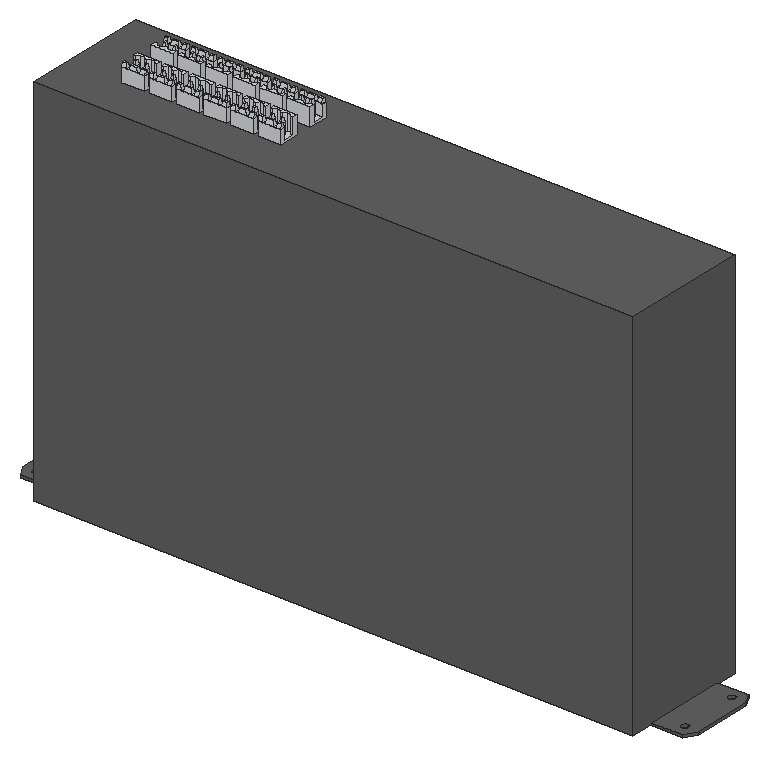
Revit family "БП24.220.350_RV17_LOD400 (05.11.23)", category Электрооборудование, Revit 2017 (continued)
Cuts and joins
  joined: Extrusion 77, Extrusion 78, Extrusion 79
  joined: Extrusion 133, Extrusion 134, Extrusion 135
  joined: Extrusion 85, Extrusion 86, Extrusion 87
Dimensions and locks
  locked: plane 4 to plane 1 "По центру (Вперед/Назад)" at 2000
  locked: plane 5 to plane 3 "По центру (Влево/Вправо)" at 2000
  "В_Смещение_УГО_X": plane 5 to plane 6
  "В_Смещение_УГО_Y": plane 4 to plane 7
  "ADSK_Размер_Длина": plane 9 to plane 8
  aligned and locked: level to plane 2
Automatic sketch dimensions
  Extrusion 1 sketch curve to plane 1 "По центру (Вперед/Назад)" = 28 mm
  Extrusion 1 sketch curve to plane 11 "1" = 0 mm
  Extrusion 1 sketch curve to plane 10 = 0 mm
  plane 1 "По центру (Вперед/Назад)" to Extrusion 1 sketch curve = 28 mm
  Extrusion 2 sketch curve to plane 11 "1" = 0 mm
  Extrusion 2 sketch curve to plane 10 = 0 mm
  Extrusion 2 sketch curve to plane 9 = 0 mm
  Extrusion 2 sketch curve to plane 8 = 0 mm
  Extrusion 2 sketch curve to plane 1 "По центру (Вперед/Назад)" = 18 mm  (x2)
  Extrusion 2 sketch curve to Extrusion 2 sketch curve = 5 mm  (x3)
  Extrusion 2 sketch curve to Extrusion 2 sketch curve = 5.057 mm  (x2)
  Extrusion 2 sketch curve to plane 8 = 6.055 mm  (x2)
  Extrusion 2 sketch curve to Extrusion 2 sketch curve = 25.885 mm  (x2)
  Extrusion 2 sketch curve to plane 9 = 6.055 mm
  Extrusion 2 sketch curve to Extrusion 2 sketch curve = 0.057 mm  (x2)
  Extrusion 2 sketch curve to Extrusion 2 sketch curve = 4.957 mm
  Extrusion 2 sketch curve to plane 8 = 2.887 mm  (x2)
  Extrusion 2 sketch curve to plane 9 = 2.829 mm
  Extrusion 2 sketch curve to plane 9 = 2.887 mm
  Extrusion 2 sketch curve to Extrusion 2 sketch curve = 3.168 mm
  level to Extrusion 3 sketch curve = 30 mm
  Extrusion 3 sketch curve to plane 11 "1" = 60 mm
  Extrusion 3 sketch curve to Extrusion 3 sketch curve = 0 mm
  Extrusion 3 sketch curve to Extrusion 3 sketch curve = 2.5 mm  (x2)
  Extrusion 3 sketch curve to Extrusion 3 sketch curve = 30 mm  (x2)
  Extrusion 3 sketch curve to Extrusion 3 sketch curve = 15 mm
  level to Extrusion 4 sketch curve = 30 mm
  Extrusion 4 sketch curve to plane 11 "1" = 65 mm
  Extrusion 4 sketch curve to Extrusion 4 sketch curve = 0 mm
  Extrusion 4 sketch curve to Extrusion 4 sketch curve = 2.5 mm  (x2)
  Extrusion 4 sketch curve to Extrusion 4 sketch curve = 30 mm  (x2)
  Extrusion 4 sketch curve to Extrusion 4 sketch curve = 15 mm
  level to Extrusion 5 sketch curve = 30 mm
  Extrusion 5 sketch curve to plane 3 "По центру (Влево/Вправо)" = 62.5 mm
  Extrusion 5 sketch curve to Extrusion 5 sketch curve = 0 mm
  Extrusion 5 sketch curve to Extrusion 5 sketch curve = 2.5 mm  (x2)
  Extrusion 5 sketch curve to Extrusion 5 sketch curve = 30 mm  (x2)
  Extrusion 5 sketch curve to Extrusion 5 sketch curve = 15 mm
  Extrusion 6 sketch curve to plane 3 "По центру (Влево/Вправо)" = 57.5 mm
  Extrusion 6 sketch curve to Extrusion 6 sketch curve = 0 mm
  Extrusion 6 sketch curve to Extrusion 6 sketch curve = 2.5 mm  (x2)
  level to Extrusion 6 sketch curve = 30 mm
  Extrusion 6 sketch curve to Extrusion 6 sketch curve = 30 mm  (x2)
  Extrusion 6 sketch curve to Extrusion 6 sketch curve = 15 mm
  Extrusion 7 sketch curve to plane 3 "По центру (Влево/Вправо)" = 52.5 mm
  Extrusion 7 sketch curve to Extrusion 7 sketch curve = 0 mm
  Extrusion 7 sketch curve to Extrusion 7 sketch curve = 2.5 mm  (x2)
  level to Extrusion 7 sketch curve = 30 mm
  Extrusion 7 sketch curve to Extrusion 7 sketch curve = 30 mm  (x2)
  Extrusion 7 sketch curve to Extrusion 7 sketch curve = 15 mm
  Extrusion 8 sketch curve to plane 3 "По центру (Влево/Вправо)" = 47.5 mm
  Extrusion 8 sketch curve to Extrusion 8 sketch curve = 0 mm
  Extrusion 8 sketch curve to Extrusion 8 sketch curve = 2.5 mm  (x2)
  level to Extrusion 8 sketch curve = 30 mm
  Extrusion 8 sketch curve to Extrusion 8 sketch curve = 30 mm  (x2)
  Extrusion 8 sketch curve to Extrusion 8 sketch curve = 15 mm
  Extrusion 9 sketch curve to plane 3 "По центру (Влево/Вправо)" = 42.5 mm  (x2)
  Extrusion 9 sketch curve to Extrusion 9 sketch curve = 2.5 mm  (x2)
  level to Extrusion 9 sketch curve = 30 mm
  Extrusion 9 sketch curve to Extrusion 9 sketch curve = 30 mm  (x2)
  Extrusion 9 sketch curve to Extrusion 9 sketch curve = 15 mm
  Extrusion 10 sketch curve to plane 3 "По центру (Влево/Вправо)" = 37.5 mm  (x2)
  Extrusion 10 sketch curve to Extrusion 10 sketch curve = 2.5 mm  (x2)
  level to Extrusion 10 sketch curve = 30 mm
  Extrusion 10 sketch curve to Extrusion 10 sketch curve = 30 mm  (x2)
  Extrusion 10 sketch curve to Extrusion 10 sketch curve = 15 mm
  Extrusion 11 sketch curve to plane 3 "По центру (Влево/Вправо)" = 32.5 mm  (x2)
  Extrusion 11 sketch curve to Extrusion 11 sketch curve = 2.5 mm  (x2)
  level to Extrusion 11 sketch curve = 30 mm
  Extrusion 11 sketch curve to Extrusion 11 sketch curve = 30 mm  (x2)
  Extrusion 11 sketch curve to Extrusion 11 sketch curve = 15 mm
  Extrusion 12 sketch curve to plane 3 "По центру (Влево/Вправо)" = 27.5 mm  (x2)
  Extrusion 12 sketch curve to Extrusion 12 sketch curve = 2.5 mm  (x2)
  level to Extrusion 12 sketch curve = 30 mm
  Extrusion 12 sketch curve to Extrusion 12 sketch curve = 30 mm  (x2)
  Extrusion 12 sketch curve to Extrusion 12 sketch curve = 15 mm
  Extrusion 13 sketch curve to plane 3 "По центру (Влево/Вправо)" = 22.5 mm  (x2)
  Extrusion 13 sketch curve to Extrusion 13 sketch curve = 2.5 mm  (x2)
  level to Extrusion 13 sketch curve = 30 mm
  Extrusion 13 sketch curve to Extrusion 13 sketch curve = 30 mm  (x2)
  Extrusion 13 sketch curve to Extrusion 13 sketch curve = 15 mm
  Extrusion 14 sketch curve to plane 3 "По центру (Влево/Вправо)" = 17.5 mm  (x2)
  Extrusion 14 sketch curve to Extrusion 14 sketch curve = 2.5 mm  (x2)
  level to Extrusion 14 sketch curve = 30 mm
  Extrusion 14 sketch curve to Extrusion 14 sketch curve = 30 mm  (x2)
  Extrusion 14 sketch curve to Extrusion 14 sketch curve = 15 mm
  Extrusion 15 sketch curve to plane 3 "По центру (Влево/Вправо)" = 12.5 mm  (x2)
  Extrusion 15 sketch curve to Extrusion 15 sketch curve = 2.5 mm  (x2)
  level to Extrusion 15 sketch curve = 30 mm
  Extrusion 15 sketch curve to Extrusion 15 sketch curve = 30 mm  (x2)
  Extrusion 15 sketch curve to Extrusion 15 sketch curve = 15 mm
  Extrusion 16 sketch curve to plane 3 "По центру (Влево/Вправо)" = 7.5 mm  (x2)
  Extrusion 16 sketch curve to Extrusion 16 sketch curve = 2.5 mm  (x2)
  level to Extrusion 16 sketch curve = 30 mm
  Extrusion 16 sketch curve to Extrusion 16 sketch curve = 30 mm  (x2)
  Extrusion 16 sketch curve to Extrusion 16 sketch curve = 15 mm
  Extrusion 17 sketch curve to plane 10 = 63.75 mm
  Extrusion 17 sketch curve to Extrusion 17 sketch curve = 2.5 mm
  level to Extrusion 17 sketch curve = 134.128 mm
  Extrusion 17 sketch curve to Extrusion 17 sketch curve = 66.127 mm
  Extrusion 18 sketch curve to plane 10 = 58.75 mm
  Extrusion 18 sketch curve to Extrusion 18 sketch curve = 2.5 mm
  level to Extrusion 18 sketch curve = 135.278 mm
  level to Extrusion 18 sketch curve = 66.733 mm
  Extrusion 19 sketch curve to plane 10 = 53.75 mm
  Extrusion 19 sketch curve to Extrusion 19 sketch curve = 2.5 mm
  level to Extrusion 19 sketch curve = 135.87 mm
  level to Extrusion 19 sketch curve = 65.997 mm
  plane 3 "По центру (Влево/Вправо)" to Extrusion 20 sketch curve = 63.75 mm
  Extrusion 20 sketch curve to Extrusion 20 sketch curve = 2.5 mm
  level to Extrusion 20 sketch curve = 131.746 mm
  Extrusion 20 sketch curve to Extrusion 20 sketch curve = 61.614 mm
  plane 3 "По центру (Влево/Вправо)" to Extrusion 21 sketch curve = 58.75 mm
  Extrusion 21 sketch curve to Extrusion 21 sketch curve = 2.5 mm
  level to Extrusion 21 sketch curve = 128.183 mm
  Extrusion 21 sketch curve to Extrusion 21 sketch curve = 54.514 mm
  plane 3 "По центру (Влево/Вправо)" to Extrusion 22 sketch curve = 53.75 mm
  Extrusion 22 sketch curve to Extrusion 22 sketch curve = 2.5 mm
  level to Extrusion 22 sketch curve = 123.669 mm
  Extrusion 22 sketch curve to Extrusion 22 sketch curve = 45.26 mm
  plane 3 "По центру (Влево/Вправо)" to Extrusion 23 sketch curve = 48.75 mm
  Extrusion 23 sketch curve to Extrusion 23 sketch curve = 2.5 mm
  level to Extrusion 23 sketch curve = 116.574 mm
  Extrusion 23 sketch curve to Extrusion 23 sketch curve = 31.162 mm
  Extrusion 24 sketch curve to plane 10 = 46.25 mm
  Extrusion 24 sketch curve to Extrusion 24 sketch curve = 2.5 mm
  level to Extrusion 24 sketch curve = 68.001 mm
  Extrusion 24 sketch curve to Extrusion 24 sketch curve = 66.127 mm
  Extrusion 25 sketch curve to plane 10 = 51.25 mm
  Extrusion 25 sketch curve to Extrusion 25 sketch curve = 2.5 mm
  level to Extrusion 25 sketch curve = 66.733 mm
  Extrusion 25 sketch curve to Extrusion 25 sketch curve = 68.545 mm
  Extrusion 26 sketch curve to plane 10 = 41.25 mm
  Extrusion 26 sketch curve to Extrusion 26 sketch curve = 2.5 mm
  level to Extrusion 26 sketch curve = 70.132 mm
  Extrusion 26 sketch curve to Extrusion 26 sketch curve = 61.614 mm
  Extrusion 27 sketch curve to plane 10 = 36.25 mm
  Extrusion 27 sketch curve to Extrusion 27 sketch curve = 2.5 mm
  level to Extrusion 27 sketch curve = 73.669 mm
  Extrusion 27 sketch curve to Extrusion 27 sketch curve = 54.514 mm
  Extrusion 28 sketch curve to plane 10 = 31.25 mm
  Extrusion 28 sketch curve to Extrusion 28 sketch curve = 2.5 mm
  level to Extrusion 28 sketch curve = 78.409 mm
  Extrusion 28 sketch curve to Extrusion 28 sketch curve = 45.26 mm
  Extrusion 29 sketch curve to plane 10 = 26.25 mm
  Extrusion 29 sketch curve to Extrusion 29 sketch curve = 2.5 mm
  level to Extrusion 29 sketch curve = 85.412 mm
  Extrusion 29 sketch curve to Extrusion 29 sketch curve = 31.162 mm
  plane 1 "По центру (Вперед/Назад)" to Extrusion 30 sketch curve = 14.6 mm
  level to Extrusion 30 sketch curve = 146 mm
  Extrusion 30 sketch curve to Extrusion 30 sketch curve = 2.5 mm
  Extrusion 30 sketch curve to plane 1 "По центру (Вперед/Назад)" = 15.4 mm
  plane 1 "По центру (Вперед/Назад)" to Extrusion 31 sketch curve = 14.6 mm
  level to Extrusion 31 sketch curve = 141 mm
  Extrusion 31 sketch curve to Extrusion 31 sketch curve = 2.5 mm
  Extrusion 31 sketch curve to plane 1 "По центру (Вперед/Назад)" = 15.4 mm
  plane 1 "По центру (Вперед/Назад)" to Extrusion 32 sketch curve = 14.6 mm
  level to Extrusion 32 sketch curve = 136 mm
  Extrusion 32 sketch curve to Extrusion 32 sketch curve = 2.5 mm
  Extrusion 32 sketch curve to plane 1 "По центру (Вперед/Назад)" = 15.4 mm
  plane 1 "По центру (Вперед/Назад)" to Extrusion 33 sketch curve = 14.6 mm
  level to Extrusion 33 sketch curve = 131 mm
  Extrusion 33 sketch curve to Extrusion 33 sketch curve = 2.5 mm
  Extrusion 33 sketch curve to plane 1 "По центру (Вперед/Назад)" = 15.4 mm
  plane 1 "По центру (Вперед/Назад)" to Extrusion 34 sketch curve = 14.6 mm
  level to Extrusion 34 sketch curve = 126 mm
  Extrusion 34 sketch curve to Extrusion 34 sketch curve = 2.5 mm
  Extrusion 34 sketch curve to plane 1 "По центру (Вперед/Назад)" = 15.4 mm
  plane 1 "По центру (Вперед/Назад)" to Extrusion 35 sketch curve = 14.6 mm
  level to Extrusion 35 sketch curve = 121 mm
  Extrusion 35 sketch curve to Extrusion 35 sketch curve = 2.5 mm
  Extrusion 35 sketch curve to plane 1 "По центру (Вперед/Назад)" = 15.4 mm
  plane 1 "По центру (Вперед/Назад)" to Extrusion 36 sketch curve = 14.6 mm
  level to Extrusion 36 sketch curve = 116 mm
  Extrusion 36 sketch curve to Extrusion 36 sketch curve = 2.5 mm
  Extrusion 36 sketch curve to plane 1 "По центру (Вперед/Назад)" = 15.4 mm
  plane 1 "По центру (Вперед/Назад)" to Extrusion 37 sketch curve = 14.6 mm
  level to Extrusion 37 sketch curve = 111 mm
  Extrusion 37 sketch curve to Extrusion 37 sketch curve = 2.5 mm
  Extrusion 37 sketch curve to plane 1 "По центру (Вперед/Назад)" = 15.4 mm
  plane 1 "По центру (Вперед/Назад)" to Extrusion 38 sketch curve = 14.6 mm
  level to Extrusion 38 sketch curve = 106 mm
  Extrusion 38 sketch curve to Extrusion 38 sketch curve = 2.5 mm
  Extrusion 38 sketch curve to plane 1 "По центру (Вперед/Назад)" = 15.4 mm
  plane 1 "По центру (Вперед/Назад)" to Extrusion 39 sketch curve = 14.6 mm
  level to Extrusion 39 sketch curve = 101 mm
  Extrusion 39 sketch curve to Extrusion 39 sketch curve = 2.5 mm
  Extrusion 39 sketch curve to plane 1 "По центру (Вперед/Назад)" = 15.4 mm
  plane 1 "По центру (Вперед/Назад)" to Extrusion 40 sketch curve = 14.6 mm
  level to Extrusion 40 sketch curve = 96 mm
  Extrusion 40 sketch curve to Extrusion 40 sketch curve = 2.5 mm
  Extrusion 40 sketch curve to plane 1 "По центру (Вперед/Назад)" = 15.4 mm
  plane 1 "По центру (Вперед/Назад)" to Extrusion 41 sketch curve = 14.6 mm
  level to Extrusion 41 sketch curve = 91 mm
  Extrusion 41 sketch curve to Extrusion 41 sketch curve = 2.5 mm
  Extrusion 41 sketch curve to plane 1 "По центру (Вперед/Назад)" = 15.4 mm
  plane 1 "По центру (Вперед/Назад)" to Extrusion 42 sketch curve = 14.6 mm
  level to Extrusion 42 sketch curve = 86 mm
  Extrusion 42 sketch curve to Extrusion 42 sketch curve = 2.5 mm
  Extrusion 42 sketch curve to plane 1 "По центру (Вперед/Назад)" = 15.4 mm
  level to Extrusion 43 sketch curve = 81 mm
  Extrusion 43 sketch curve to Extrusion 43 sketch curve = 2.5 mm
  Extrusion 43 sketch curve to plane 1 "По центру (Вперед/Назад)" = 15.4 mm
  Extrusion 43 sketch curve to Extrusion 43 sketch curve = 30 mm
  plane 1 "По центру (Вперед/Назад)" to Extrusion 44 sketch curve = 14.6 mm
  level to Extrusion 44 sketch curve = 151 mm
  Extrusion 44 sketch curve to Extrusion 44 sketch curve = 2.5 mm
  Extrusion 44 sketch curve to plane 1 "По центру (Вперед/Назад)" = 15.4 mm
  Extrusion 45 sketch curve to plane 11 "1" = 33.88 mm
  Extrusion 45 sketch curve to Extrusion 45 sketch curve = 0.875 mm  (x2)
  Extrusion 45 sketch curve to Extrusion 45 sketch curve = 0.964 mm  (x6)
  Extrusion 45 sketch curve to Extrusion 45 sketch curve = 1.76 mm  (x2)
  Extrusion 45 sketch curve to Extrusion 45 sketch curve = 1.839 mm
  Extrusion 45 sketch curve to plane 1 "По центру (Вперед/Назад)" = 8.798 mm
  Extrusion 45 sketch curve to Extrusion 45 sketch curve = 0 mm  (x2)
  Extrusion 45 sketch curve to Extrusion 45 sketch curve = 1.982 mm
  Extrusion 46 sketch curve to plane 1 "По центру (Вперед/Назад)" = 13.813 mm
  Extrusion 46 sketch curve to plane 11 "1" = 33.88 mm
  Extrusion 46 sketch curve to Extrusion 46 sketch curve = 2.174 mm  (x2)
  Extrusion 46 sketch curve to Extrusion 46 sketch curve = 1.208 mm  (x2)
  Extrusion 46 sketch curve to Extrusion 46 sketch curve = 3.236 mm
  Extrusion 46 sketch curve to Extrusion 46 sketch curve = 1.603 mm
  Extrusion 46 sketch curve to Extrusion 46 sketch curve = 1.772 mm  (x2)
  Extrusion 46 sketch curve to Extrusion 46 sketch curve = 1.371 mm  (x2)
  Extrusion 47 sketch curve to plane 1 "По центру (Вперед/Назад)" = 15.416 mm
  Extrusion 47 sketch curve to plane 11 "1" = 33.88 mm
  Extrusion 47 sketch curve to Extrusion 47 sketch curve = 10 mm
  Extrusion 47 sketch curve to Extrusion 47 sketch curve = 8.6 mm
  Blend 48 sketch curve to plane 11 "1" = 31.706 mm
  Blend 48 sketch curve to Blend 48 sketch curve = 1.208 mm
  Blend 48 sketch curve to plane 1 "По центру (Вперед/Назад)" = 12.041 mm
  Blend 48 sketch curve to Blend 48 sketch curve = 1.371 mm
  Blend 48 sketch curve to plane 11 "1" = 31.474 mm
  Blend 48 sketch curve to Blend 48 sketch curve = 0.786 mm
  Blend 48 sketch curve to plane 1 "По центру (Вперед/Назад)" = 11.756 mm
  Blend 48 sketch curve to Blend 48 sketch curve = 0.804 mm
  Blend 49 sketch curve to plane 11 "1" = 27.262 mm
  Blend 49 sketch curve to Blend 49 sketch curve = 1.208 mm
  Blend 49 sketch curve to plane 1 "По центру (Вперед/Назад)" = 12.041 mm
  Blend 49 sketch curve to Blend 49 sketch curve = 1.371 mm
  Blend 49 sketch curve to plane 11 "1" = 27.03 mm
  Blend 49 sketch curve to Blend 49 sketch curve = 0.786 mm
  Blend 49 sketch curve to plane 1 "По центру (Вперед/Назад)" = 11.756 mm
  Blend 49 sketch curve to Blend 49 sketch curve = 0.804 mm
  Blend 50 sketch curve to plane 1 "По центру (Вперед/Назад)" = 15.416 mm
  Blend 50 sketch curve to plane 11 "1" = 30.625 mm
  Blend 50 sketch curve to Blend 50 sketch curve = 3.581 mm
  Blend 50 sketch curve to Blend 50 sketch curve = 1.603 mm
  Blend 50 sketch curve to plane 1 "По центру (Вперед/Назад)" = 15.032 mm
  Blend 50 sketch curve to plane 11 "1" = 30.194 mm
  Blend 50 sketch curve to Blend 50 sketch curve = 2.818 mm
  Blend 50 sketch curve to Blend 50 sketch curve = 0.782 mm
  Blend 51 sketch curve to plane 1 "По центру (Вперед/Назад)" = 15.416 mm
  Blend 51 sketch curve to plane 11 "1" = 25.915 mm
  Blend 51 sketch curve to Blend 51 sketch curve = 2.035 mm
  Blend 51 sketch curve to Blend 51 sketch curve = 1.603 mm
  Blend 51 sketch curve to plane 11 "1" = 25.552 mm
  Blend 51 sketch curve to Blend 51 sketch curve = 1.672 mm
  Blend 51 sketch curve to plane 1 "По центру (Вперед/Назад)" = 15.038 mm
  Blend 51 sketch curve to Blend 51 sketch curve = 0.839 mm
  Blend 52 sketch curve to plane 1 "По центру (Вперед/Назад)" = 15.416 mm
  Blend 52 sketch curve to plane 11 "1" = 31.753 mm
  Blend 52 sketch curve to Blend 52 sketch curve = 2.035 mm
  Blend 52 sketch curve to Blend 52 sketch curve = 1.603 mm
  Blend 52 sketch curve to plane 1 "По центру (Вперед/Назад)" = 15.038 mm
  Blend 52 sketch curve to plane 11 "1" = 32.117 mm
  Blend 52 sketch curve to Blend 52 sketch curve = 1.672 mm
  Blend 52 sketch curve to Blend 52 sketch curve = 0.839 mm
  Extrusion 53 sketch curve to plane 1 "По центру (Вперед/Назад)" = 6.816 mm
  Extrusion 53 sketch curve to plane 11 "1" = 45.928 mm
  Extrusion 53 sketch curve to plane 1 "По центру (Вперед/Назад)" = 8.798 mm  (x2)
  Extrusion 53 sketch curve to Extrusion 53 sketch curve = 0.875 mm  (x2)
  Extrusion 53 sketch curve to Extrusion 53 sketch curve = 0.964 mm  (x6)
  Extrusion 53 sketch curve to Extrusion 53 sketch curve = 1.76 mm  (x2)
  Extrusion 53 sketch curve to Extrusion 53 sketch curve = 1.839 mm
  Extrusion 53 sketch curve to Extrusion 53 sketch curve = 1.982 mm
  Extrusion 54 sketch curve to plane 1 "По центру (Вперед/Назад)" = 13.813 mm
  Extrusion 54 sketch curve to plane 11 "1" = 45.928 mm
  Extrusion 54 sketch curve to Extrusion 54 sketch curve = 2.174 mm  (x2)
  Extrusion 54 sketch curve to Extrusion 54 sketch curve = 1.208 mm  (x2)
  Extrusion 54 sketch curve to Extrusion 54 sketch curve = 3.236 mm
  Extrusion 54 sketch curve to Extrusion 54 sketch curve = 1.603 mm
  Extrusion 54 sketch curve to Extrusion 54 sketch curve = 1.772 mm  (x2)
  Extrusion 54 sketch curve to Extrusion 54 sketch curve = 1.371 mm  (x2)
  Extrusion 55 sketch curve to plane 1 "По центру (Вперед/Назад)" = 15.416 mm
  Extrusion 55 sketch curve to plane 11 "1" = 45.928 mm
  Extrusion 55 sketch curve to Extrusion 55 sketch curve = 10 mm
  Extrusion 55 sketch curve to Extrusion 55 sketch curve = 8.6 mm
  Blend 56 sketch curve to plane 1 "По центру (Вперед/Назад)" = 12.041 mm
  Blend 56 sketch curve to plane 11 "1" = 43.755 mm
  Blend 56 sketch curve to Blend 56 sketch curve = 1.208 mm
  Blend 56 sketch curve to Blend 56 sketch curve = 1.371 mm
  Blend 56 sketch curve to plane 1 "По центру (Вперед/Назад)" = 11.756 mm
  Blend 56 sketch curve to plane 11 "1" = 43.523 mm
  Blend 56 sketch curve to Blend 56 sketch curve = 0.786 mm
  Blend 56 sketch curve to Blend 56 sketch curve = 0.804 mm
  Blend 57 sketch curve to plane 1 "По центру (Вперед/Назад)" = 12.041 mm
  Blend 57 sketch curve to plane 11 "1" = 39.311 mm
  Blend 57 sketch curve to Blend 57 sketch curve = 1.208 mm
  Blend 57 sketch curve to Blend 57 sketch curve = 1.371 mm
  Blend 57 sketch curve to plane 1 "По центру (Вперед/Назад)" = 11.756 mm
  Blend 57 sketch curve to plane 11 "1" = 39.079 mm
  Blend 57 sketch curve to Blend 57 sketch curve = 0.786 mm
  Blend 57 sketch curve to Blend 57 sketch curve = 0.804 mm
  Blend 58 sketch curve to plane 1 "По центру (Вперед/Назад)" = 15.416 mm
  Blend 58 sketch curve to plane 11 "1" = 42.674 mm
  Blend 58 sketch curve to Blend 58 sketch curve = 3.581 mm
  Blend 58 sketch curve to Blend 58 sketch curve = 1.603 mm
  Blend 58 sketch curve to plane 1 "По центру (Вперед/Назад)" = 15.032 mm
  Blend 58 sketch curve to plane 11 "1" = 42.242 mm
  Blend 58 sketch curve to Blend 58 sketch curve = 2.818 mm
  Blend 58 sketch curve to Blend 58 sketch curve = 0.782 mm
  Blend 59 sketch curve to plane 1 "По центру (Вперед/Назад)" = 15.416 mm
  Blend 59 sketch curve to plane 11 "1" = 37.964 mm
  Blend 59 sketch curve to Blend 59 sketch curve = 2.035 mm
  Blend 59 sketch curve to Blend 59 sketch curve = 1.603 mm
  Blend 59 sketch curve to plane 1 "По центру (Вперед/Назад)" = 15.038 mm
  Blend 59 sketch curve to plane 11 "1" = 37.6 mm
  Blend 59 sketch curve to Blend 59 sketch curve = 1.672 mm
  Blend 59 sketch curve to Blend 59 sketch curve = 0.839 mm
  Blend 60 sketch curve to plane 1 "По центру (Вперед/Назад)" = 15.416 mm
  Blend 60 sketch curve to plane 11 "1" = 43.802 mm
  Blend 60 sketch curve to Blend 60 sketch curve = 2.035 mm
  Blend 60 sketch curve to Blend 60 sketch curve = 1.603 mm
  Blend 60 sketch curve to plane 1 "По центру (Вперед/Назад)" = 15.038 mm
  Blend 60 sketch curve to plane 11 "1" = 44.165 mm
  Blend 60 sketch curve to Blend 60 sketch curve = 1.672 mm
  Blend 60 sketch curve to Blend 60 sketch curve = 0.839 mm
  Extrusion 61 sketch curve to plane 1 "По центру (Вперед/Назад)" = 6.816 mm
  Extrusion 61 sketch curve to plane 11 "1" = 57.977 mm
  Extrusion 61 sketch curve to plane 1 "По центру (Вперед/Назад)" = 8.798 mm  (x3)
  Extrusion 61 sketch curve to Extrusion 61 sketch curve = 0.875 mm  (x2)
  Extrusion 61 sketch curve to Extrusion 61 sketch curve = 0.964 mm  (x5)
  Extrusion 61 sketch curve to Extrusion 61 sketch curve = 1.76 mm  (x2)
  Extrusion 61 sketch curve to plane 1 "По центру (Вперед/Назад)" = 7.834 mm
  Extrusion 61 sketch curve to Extrusion 61 sketch curve = 1.839 mm
  Extrusion 62 sketch curve to plane 1 "По центру (Вперед/Назад)" = 13.813 mm
  Extrusion 62 sketch curve to plane 11 "1" = 57.977 mm
  Extrusion 62 sketch curve to Extrusion 62 sketch curve = 2.174 mm  (x2)
  Extrusion 62 sketch curve to Extrusion 62 sketch curve = 1.208 mm  (x2)
  Extrusion 62 sketch curve to Extrusion 62 sketch curve = 3.236 mm
  Extrusion 62 sketch curve to Extrusion 62 sketch curve = 1.603 mm
  Extrusion 62 sketch curve to Extrusion 62 sketch curve = 1.772 mm  (x2)
  Extrusion 62 sketch curve to Extrusion 62 sketch curve = 1.371 mm  (x2)
  Extrusion 63 sketch curve to plane 1 "По центру (Вперед/Назад)" = 15.416 mm
  Extrusion 63 sketch curve to plane 11 "1" = 57.977 mm
  Extrusion 63 sketch curve to Extrusion 63 sketch curve = 10 mm
  Extrusion 63 sketch curve to Extrusion 63 sketch curve = 8.6 mm
  Blend 64 sketch curve to plane 1 "По центру (Вперед/Назад)" = 12.041 mm
  Blend 64 sketch curve to plane 11 "1" = 55.803 mm
  Blend 64 sketch curve to Blend 64 sketch curve = 1.208 mm
  Blend 64 sketch curve to Blend 64 sketch curve = 1.371 mm
  Blend 64 sketch curve to plane 1 "По центру (Вперед/Назад)" = 11.756 mm
  Blend 64 sketch curve to plane 11 "1" = 55.571 mm
  Blend 64 sketch curve to Blend 64 sketch curve = 0.786 mm
  Blend 64 sketch curve to Blend 64 sketch curve = 0.804 mm
  Blend 65 sketch curve to plane 1 "По центру (Вперед/Назад)" = 12.041 mm
  Blend 65 sketch curve to plane 11 "1" = 51.359 mm
  Blend 65 sketch curve to Blend 65 sketch curve = 1.208 mm
  Blend 65 sketch curve to Blend 65 sketch curve = 1.371 mm
  Blend 65 sketch curve to plane 1 "По центру (Вперед/Назад)" = 11.756 mm
  Blend 65 sketch curve to plane 11 "1" = 51.127 mm
  Blend 65 sketch curve to Blend 65 sketch curve = 0.786 mm
  Blend 65 sketch curve to Blend 65 sketch curve = 0.804 mm
  Blend 66 sketch curve to plane 1 "По центру (Вперед/Назад)" = 15.416 mm
  Blend 66 sketch curve to plane 11 "1" = 54.722 mm
  Blend 66 sketch curve to Blend 66 sketch curve = 3.581 mm
  Blend 66 sketch curve to Blend 66 sketch curve = 1.603 mm
  Blend 66 sketch curve to plane 1 "По центру (Вперед/Назад)" = 15.032 mm
  Blend 66 sketch curve to plane 11 "1" = 54.291 mm
  Blend 66 sketch curve to Blend 66 sketch curve = 2.818 mm
  Blend 66 sketch curve to Blend 66 sketch curve = 0.782 mm
  Blend 67 sketch curve to plane 1 "По центру (Вперед/Назад)" = 15.416 mm
  Blend 67 sketch curve to plane 11 "1" = 50.012 mm
  Blend 67 sketch curve to Blend 67 sketch curve = 2.035 mm
  Blend 67 sketch curve to Blend 67 sketch curve = 1.603 mm
  Blend 67 sketch curve to plane 1 "По центру (Вперед/Назад)" = 15.038 mm
  Blend 67 sketch curve to plane 11 "1" = 49.649 mm
  Blend 67 sketch curve to Blend 67 sketch curve = 1.672 mm
  Blend 67 sketch curve to Blend 67 sketch curve = 0.839 mm
  Blend 68 sketch curve to plane 1 "По центру (Вперед/Назад)" = 15.416 mm
  Blend 68 sketch curve to plane 11 "1" = 55.851 mm
  Blend 68 sketch curve to Blend 68 sketch curve = 2.035 mm
  Blend 68 sketch curve to Blend 68 sketch curve = 1.603 mm
  Blend 68 sketch curve to plane 1 "По центру (Вперед/Назад)" = 15.038 mm
  Blend 68 sketch curve to plane 11 "1" = 56.214 mm
  Blend 68 sketch curve to Blend 68 sketch curve = 1.672 mm
  Blend 68 sketch curve to Blend 68 sketch curve = 0.839 mm
  Extrusion 69 sketch curve to plane 1 "По центру (Вперед/Назад)" = 6.816 mm
  Extrusion 69 sketch curve to plane 3 "По центру (Влево/Вправо)" = 62.474 mm
  Extrusion 69 sketch curve to plane 1 "По центру (Вперед/Назад)" = 8.798 mm  (x3)
  Extrusion 69 sketch curve to Extrusion 69 sketch curve = 0.875 mm  (x2)
  Extrusion 69 sketch curve to Extrusion 69 sketch curve = 0.964 mm  (x5)
  Extrusion 69 sketch curve to Extrusion 69 sketch curve = 1.76 mm  (x2)
  Extrusion 69 sketch curve to plane 1 "По центру (Вперед/Назад)" = 7.834 mm
  Extrusion 69 sketch curve to Extrusion 69 sketch curve = 1.839 mm
  Extrusion 70 sketch curve to plane 1 "По центру (Вперед/Назад)" = 13.813 mm
  Extrusion 70 sketch curve to plane 3 "По центру (Влево/Вправо)" = 62.474 mm
  Extrusion 70 sketch curve to Extrusion 70 sketch curve = 2.174 mm  (x2)
  Extrusion 70 sketch curve to Extrusion 70 sketch curve = 1.208 mm  (x2)
  Extrusion 70 sketch curve to Extrusion 70 sketch curve = 3.236 mm
  Extrusion 70 sketch curve to Extrusion 70 sketch curve = 1.603 mm
  Extrusion 70 sketch curve to Extrusion 70 sketch curve = 1.772 mm  (x2)
  Extrusion 70 sketch curve to Extrusion 70 sketch curve = 1.371 mm  (x2)
  Extrusion 71 sketch curve to plane 1 "По центру (Вперед/Назад)" = 15.416 mm
  Extrusion 71 sketch curve to plane 3 "По центру (Влево/Вправо)" = 62.474 mm
  Extrusion 71 sketch curve to Extrusion 71 sketch curve = 10 mm
  Extrusion 71 sketch curve to Extrusion 71 sketch curve = 8.6 mm
  Blend 72 sketch curve to plane 1 "По центру (Вперед/Назад)" = 12.041 mm
  Blend 72 sketch curve to plane 3 "По центру (Влево/Вправо)" = 64.648 mm
  Blend 72 sketch curve to Blend 72 sketch curve = 1.208 mm
  Blend 72 sketch curve to Blend 72 sketch curve = 1.371 mm
  Blend 72 sketch curve to plane 1 "По центру (Вперед/Назад)" = 11.756 mm
  Blend 72 sketch curve to plane 3 "По центру (Влево/Вправо)" = 64.88 mm
  Blend 72 sketch curve to Blend 72 sketch curve = 0.786 mm
  Blend 72 sketch curve to Blend 72 sketch curve = 0.804 mm
  Blend 73 sketch curve to plane 1 "По центру (Вперед/Назад)" = 12.041 mm
  Blend 73 sketch curve to plane 11 "1" = 63.408 mm
  Blend 73 sketch curve to Blend 73 sketch curve = 1.208 mm
  Blend 73 sketch curve to Blend 73 sketch curve = 1.371 mm
  Blend 73 sketch curve to plane 1 "По центру (Вперед/Назад)" = 11.756 mm
  Blend 73 sketch curve to plane 11 "1" = 63.176 mm
  Blend 73 sketch curve to Blend 73 sketch curve = 0.786 mm
  Blend 73 sketch curve to Blend 73 sketch curve = 0.804 mm
  Blend 74 sketch curve to plane 1 "По центру (Вперед/Назад)" = 15.416 mm
  Blend 74 sketch curve to plane 3 "По центру (Влево/Вправо)" = 65.729 mm
  Blend 74 sketch curve to Blend 74 sketch curve = 3.581 mm
  Blend 74 sketch curve to Blend 74 sketch curve = 1.603 mm
  Blend 74 sketch curve to plane 1 "По центру (Вперед/Назад)" = 15.032 mm
  Blend 74 sketch curve to plane 3 "По центру (Влево/Вправо)" = 66.16 mm
  Blend 74 sketch curve to Blend 74 sketch curve = 2.818 mm
  Blend 74 sketch curve to Blend 74 sketch curve = 0.782 mm
  Blend 75 sketch curve to plane 1 "По центру (Вперед/Назад)" = 15.416 mm
  Blend 75 sketch curve to plane 11 "1" = 62.061 mm
  Blend 75 sketch curve to Blend 75 sketch curve = 2.035 mm
  Blend 75 sketch curve to Blend 75 sketch curve = 1.603 mm
  Blend 75 sketch curve to plane 1 "По центру (Вперед/Назад)" = 15.038 mm
  Blend 75 sketch curve to plane 11 "1" = 61.698 mm
  Blend 75 sketch curve to Blend 75 sketch curve = 1.672 mm
  Blend 75 sketch curve to Blend 75 sketch curve = 0.839 mm
  Blend 76 sketch curve to plane 1 "По центру (Вперед/Назад)" = 15.416 mm
  Blend 76 sketch curve to plane 3 "По центру (Влево/Вправо)" = 64.601 mm
  Blend 76 sketch curve to Blend 76 sketch curve = 2.035 mm
  Blend 76 sketch curve to Blend 76 sketch curve = 1.603 mm
  Blend 76 sketch curve to plane 1 "По центру (Вперед/Назад)" = 15.038 mm
  Blend 76 sketch curve to plane 3 "По центру (Влево/Вправо)" = 64.237 mm
  Blend 76 sketch curve to Blend 76 sketch curve = 1.672 mm
  Blend 76 sketch curve to Blend 76 sketch curve = 0.839 mm
  Extrusion 77 sketch curve to plane 1 "По центру (Вперед/Назад)" = 6.816 mm
  Extrusion 77 sketch curve to plane 3 "По центру (Влево/Вправо)" = 50.426 mm
  Extrusion 77 sketch curve to plane 1 "По центру (Вперед/Назад)" = 8.798 mm  (x3)
  Extrusion 77 sketch curve to Extrusion 77 sketch curve = 0.875 mm  (x2)
  Extrusion 77 sketch curve to Extrusion 77 sketch curve = 0.964 mm  (x5)
  Extrusion 77 sketch curve to Extrusion 77 sketch curve = 1.76 mm  (x2)
  Extrusion 77 sketch curve to plane 1 "По центру (Вперед/Назад)" = 7.834 mm
  Extrusion 77 sketch curve to Extrusion 77 sketch curve = 1.839 mm
  Extrusion 78 sketch curve to plane 1 "По центру (Вперед/Назад)" = 13.813 mm
  Extrusion 78 sketch curve to plane 3 "По центру (Влево/Вправо)" = 50.426 mm
  Extrusion 78 sketch curve to Extrusion 78 sketch curve = 2.174 mm  (x2)
  Extrusion 78 sketch curve to Extrusion 78 sketch curve = 1.208 mm  (x2)
  Extrusion 78 sketch curve to Extrusion 78 sketch curve = 3.236 mm
  Extrusion 78 sketch curve to Extrusion 78 sketch curve = 1.603 mm
  Extrusion 78 sketch curve to Extrusion 78 sketch curve = 1.772 mm  (x2)
  Extrusion 78 sketch curve to Extrusion 78 sketch curve = 1.371 mm  (x2)
  Extrusion 79 sketch curve to plane 1 "По центру (Вперед/Назад)" = 15.416 mm
  Extrusion 79 sketch curve to plane 3 "По центру (Влево/Вправо)" = 50.426 mm
  Extrusion 79 sketch curve to Extrusion 79 sketch curve = 10 mm
  Extrusion 79 sketch curve to Extrusion 79 sketch curve = 8.6 mm
  Blend 80 sketch curve to plane 1 "По центру (Вперед/Назад)" = 12.041 mm
  Blend 80 sketch curve to plane 3 "По центру (Влево/Вправо)" = 52.599 mm
  Blend 80 sketch curve to Blend 80 sketch curve = 1.208 mm
  Blend 80 sketch curve to Blend 80 sketch curve = 1.371 mm
  Blend 80 sketch curve to plane 1 "По центру (Вперед/Назад)" = 11.756 mm
  Blend 80 sketch curve to plane 3 "По центру (Влево/Вправо)" = 52.831 mm
  Blend 80 sketch curve to Blend 80 sketch curve = 0.786 mm
  Blend 80 sketch curve to Blend 80 sketch curve = 0.804 mm
  Blend 81 sketch curve to plane 1 "По центру (Вперед/Назад)" = 12.041 mm
  Blend 81 sketch curve to plane 3 "По центру (Влево/Вправо)" = 57.043 mm
  Blend 81 sketch curve to Blend 81 sketch curve = 1.208 mm
  Blend 81 sketch curve to Blend 81 sketch curve = 1.371 mm
  Blend 81 sketch curve to plane 1 "По центру (Вперед/Назад)" = 11.756 mm
  Blend 81 sketch curve to plane 3 "По центру (Влево/Вправо)" = 57.275 mm
  Blend 81 sketch curve to Blend 81 sketch curve = 0.786 mm
  Blend 81 sketch curve to Blend 81 sketch curve = 0.804 mm
  Blend 82 sketch curve to plane 1 "По центру (Вперед/Назад)" = 15.416 mm
  Blend 82 sketch curve to plane 3 "По центру (Влево/Вправо)" = 53.68 mm
  Blend 82 sketch curve to Blend 82 sketch curve = 3.581 mm
  Blend 82 sketch curve to Blend 82 sketch curve = 1.603 mm
  Blend 82 sketch curve to plane 1 "По центру (Вперед/Назад)" = 15.032 mm
  Blend 82 sketch curve to plane 3 "По центру (Влево/Вправо)" = 54.112 mm
  Blend 82 sketch curve to Blend 82 sketch curve = 2.818 mm
  Blend 82 sketch curve to Blend 82 sketch curve = 0.782 mm
  Blend 83 sketch curve to plane 1 "По центру (Вперед/Назад)" = 15.416 mm
  Blend 83 sketch curve to plane 3 "По центру (Влево/Вправо)" = 58.39 mm
  Blend 83 sketch curve to Blend 83 sketch curve = 2.035 mm
  Blend 83 sketch curve to Blend 83 sketch curve = 1.603 mm
  Blend 83 sketch curve to plane 1 "По центру (Вперед/Назад)" = 15.038 mm
  Blend 83 sketch curve to plane 3 "По центру (Влево/Вправо)" = 58.754 mm
  Blend 83 sketch curve to Blend 83 sketch curve = 1.672 mm
  Blend 83 sketch curve to Blend 83 sketch curve = 0.839 mm
  Blend 84 sketch curve to plane 1 "По центру (Вперед/Назад)" = 15.416 mm
  Blend 84 sketch curve to plane 3 "По центру (Влево/Вправо)" = 52.552 mm
  Blend 84 sketch curve to Blend 84 sketch curve = 2.035 mm
  Blend 84 sketch curve to Blend 84 sketch curve = 1.603 mm
  Blend 84 sketch curve to plane 1 "По центру (Вперед/Назад)" = 15.038 mm
  Blend 84 sketch curve to plane 3 "По центру (Влево/Вправо)" = 52.189 mm
  Blend 84 sketch curve to Blend 84 sketch curve = 1.672 mm
  Blend 84 sketch curve to Blend 84 sketch curve = 0.839 mm
  Extrusion 85 sketch curve to plane 3 "По центру (Влево/Вправо)" = 38.377 mm
  Extrusion 85 sketch curve to plane 1 "По центру (Вперед/Назад)" = 8.798 mm  (x3)
  Extrusion 85 sketch curve to Extrusion 85 sketch curve = 0.875 mm  (x2)
  Extrusion 85 sketch curve to Extrusion 85 sketch curve = 0.964 mm  (x5)
  Extrusion 85 sketch curve to Extrusion 85 sketch curve = 1.76 mm  (x2)
  Extrusion 85 sketch curve to plane 1 "По центру (Вперед/Назад)" = 7.834 mm
  Extrusion 85 sketch curve to Extrusion 85 sketch curve = 1.839 mm
  Extrusion 85 sketch curve to Extrusion 85 sketch curve = 1.982 mm
  Extrusion 86 sketch curve to plane 1 "По центру (Вперед/Назад)" = 13.813 mm
  Extrusion 86 sketch curve to plane 3 "По центру (Влево/Вправо)" = 38.377 mm
  Extrusion 86 sketch curve to Extrusion 86 sketch curve = 2.174 mm  (x2)
  Extrusion 86 sketch curve to Extrusion 86 sketch curve = 1.208 mm  (x2)
  Extrusion 86 sketch curve to Extrusion 86 sketch curve = 3.236 mm
  Extrusion 86 sketch curve to Extrusion 86 sketch curve = 1.603 mm
  Extrusion 86 sketch curve to Extrusion 86 sketch curve = 1.772 mm  (x2)
  Extrusion 86 sketch curve to Extrusion 86 sketch curve = 1.371 mm  (x2)
  Extrusion 87 sketch curve to plane 1 "По центру (Вперед/Назад)" = 15.416 mm
  Extrusion 87 sketch curve to plane 3 "По центру (Влево/Вправо)" = 38.377 mm
  Extrusion 87 sketch curve to Extrusion 87 sketch curve = 10 mm
  Extrusion 87 sketch curve to Extrusion 87 sketch curve = 8.6 mm
  Blend 88 sketch curve to plane 1 "По центру (Вперед/Назад)" = 12.041 mm
  Blend 88 sketch curve to plane 3 "По центру (Влево/Вправо)" = 40.551 mm
  Blend 88 sketch curve to Blend 88 sketch curve = 1.208 mm
  Blend 88 sketch curve to Blend 88 sketch curve = 1.371 mm
  Blend 88 sketch curve to plane 1 "По центру (Вперед/Назад)" = 11.756 mm
  Blend 88 sketch curve to plane 3 "По центру (Влево/Вправо)" = 40.783 mm
  Blend 88 sketch curve to Blend 88 sketch curve = 0.786 mm
  Blend 88 sketch curve to Blend 88 sketch curve = 0.804 mm
  Blend 89 sketch curve to plane 1 "По центру (Вперед/Назад)" = 12.041 mm
  Blend 89 sketch curve to plane 3 "По центру (Влево/Вправо)" = 44.995 mm
  Blend 89 sketch curve to Blend 89 sketch curve = 1.208 mm
  Blend 89 sketch curve to Blend 89 sketch curve = 1.371 mm
  Blend 89 sketch curve to plane 1 "По центру (Вперед/Назад)" = 11.756 mm
  Blend 89 sketch curve to plane 3 "По центру (Влево/Вправо)" = 45.227 mm
  Blend 89 sketch curve to Blend 89 sketch curve = 0.786 mm
  Blend 89 sketch curve to Blend 89 sketch curve = 0.804 mm
  Blend 90 sketch curve to plane 1 "По центру (Вперед/Назад)" = 15.416 mm
  Blend 90 sketch curve to plane 3 "По центру (Влево/Вправо)" = 41.632 mm
  Blend 90 sketch curve to Blend 90 sketch curve = 3.581 mm
  Blend 90 sketch curve to Blend 90 sketch curve = 1.603 mm
  Blend 90 sketch curve to plane 1 "По центру (Вперед/Назад)" = 15.032 mm
  Blend 90 sketch curve to plane 3 "По центру (Влево/Вправо)" = 42.063 mm
  Blend 90 sketch curve to Blend 90 sketch curve = 2.818 mm
  Blend 90 sketch curve to Blend 90 sketch curve = 0.782 mm
  Blend 91 sketch curve to plane 1 "По центру (Вперед/Назад)" = 15.416 mm
  Blend 91 sketch curve to plane 3 "По центру (Влево/Вправо)" = 46.342 mm
  Blend 91 sketch curve to Blend 91 sketch curve = 2.035 mm
  Blend 91 sketch curve to Blend 91 sketch curve = 1.603 mm
  Blend 91 sketch curve to plane 1 "По центру (Вперед/Назад)" = 15.038 mm
  Blend 91 sketch curve to plane 3 "По центру (Влево/Вправо)" = 46.705 mm
  Blend 91 sketch curve to Blend 91 sketch curve = 1.672 mm
  Blend 91 sketch curve to Blend 91 sketch curve = 0.839 mm
  Blend 92 sketch curve to plane 1 "По центру (Вперед/Назад)" = 15.416 mm
  Blend 92 sketch curve to plane 3 "По центру (Влево/Вправо)" = 40.503 mm
  Blend 92 sketch curve to Blend 92 sketch curve = 2.035 mm
  Blend 92 sketch curve to Blend 92 sketch curve = 1.603 mm
  Blend 92 sketch curve to plane 1 "По центру (Вперед/Назад)" = 15.038 mm
  Blend 92 sketch curve to plane 3 "По центру (Влево/Вправо)" = 40.14 mm
  Blend 92 sketch curve to Blend 92 sketch curve = 1.672 mm
  Blend 92 sketch curve to Blend 92 sketch curve = 0.839 mm
  Extrusion 93 sketch curve to plane 11 "1" = 33.88 mm
  Extrusion 93 sketch curve to Extrusion 93 sketch curve = 0.875 mm  (x2)
  Extrusion 93 sketch curve to Extrusion 93 sketch curve = 0.964 mm  (x7)
  Extrusion 93 sketch curve to Extrusion 93 sketch curve = 1.76 mm  (x2)
  Extrusion 93 sketch curve to Extrusion 93 sketch curve = 1.839 mm
  plane 1 "По центру (Вперед/Назад)" to Extrusion 93 sketch curve = 0.469 mm
  Extrusion 93 sketch curve to Extrusion 93 sketch curve = 1.018 mm  (x2)
  Extrusion 94 sketch curve to plane 11 "1" = 33.88 mm
  Extrusion 94 sketch curve to Extrusion 94 sketch curve = 2.174 mm  (x2)
  Extrusion 94 sketch curve to Extrusion 94 sketch curve = 1.208 mm  (x2)
  Extrusion 94 sketch curve to Extrusion 94 sketch curve = 3.236 mm
  plane 1 "По центру (Вперед/Назад)" to Extrusion 94 sketch curve = 4.322 mm
  Extrusion 94 sketch curve to Extrusion 94 sketch curve = 0 mm
  Extrusion 94 sketch curve to Extrusion 94 sketch curve = 1.371 mm  (x2)
  Extrusion 94 sketch curve to Extrusion 94 sketch curve = 1.772 mm
  Extrusion 94 sketch curve to Extrusion 94 sketch curve = 1.603 mm
  Extrusion 95 sketch curve to plane 11 "1" = 33.88 mm
  Extrusion 95 sketch curve to Extrusion 95 sketch curve = 10 mm
  plane 1 "По центру (Вперед/Назад)" to Extrusion 95 sketch curve = 0.469 mm
  Extrusion 95 sketch curve to Extrusion 95 sketch curve = 8.6 mm
  Blend 96 sketch curve to plane 11 "1" = 31.706 mm
  Blend 96 sketch curve to Blend 96 sketch curve = 1.208 mm
  plane 1 "По центру (Вперед/Назад)" to Blend 96 sketch curve = 4.322 mm
  Blend 96 sketch curve to Blend 96 sketch curve = 1.371 mm
  Blend 96 sketch curve to plane 11 "1" = 31.474 mm
  Blend 96 sketch curve to Blend 96 sketch curve = 0.786 mm
  plane 1 "По центру (Вперед/Назад)" to Blend 96 sketch curve = 4.605 mm
  Blend 96 sketch curve to Blend 96 sketch curve = 0.804 mm
  Blend 97 sketch curve to plane 11 "1" = 27.262 mm
  Blend 97 sketch curve to Blend 97 sketch curve = 1.208 mm
  plane 1 "По центру (Вперед/Назад)" to Blend 97 sketch curve = 4.322 mm
  Blend 97 sketch curve to Blend 97 sketch curve = 1.371 mm
  Blend 97 sketch curve to plane 11 "1" = 27.03 mm
  Blend 97 sketch curve to Blend 97 sketch curve = 0.786 mm
  plane 1 "По центру (Вперед/Назад)" to Blend 97 sketch curve = 4.605 mm
  Blend 97 sketch curve to Blend 97 sketch curve = 0.804 mm
  Blend 98 sketch curve to plane 11 "1" = 30.625 mm
  Blend 98 sketch curve to Blend 98 sketch curve = 3.581 mm
  plane 1 "По центру (Вперед/Назад)" to Blend 98 sketch curve = 7.465 mm
  Blend 98 sketch curve to Blend 98 sketch curve = 1.603 mm
  Blend 98 sketch curve to plane 11 "1" = 30.194 mm
  Blend 98 sketch curve to Blend 98 sketch curve = 2.818 mm
  plane 1 "По центру (Вперед/Назад)" to Blend 98 sketch curve = 7.902 mm
  Blend 98 sketch curve to Blend 98 sketch curve = 0.782 mm
  Blend 99 sketch curve to plane 11 "1" = 25.915 mm
  Blend 99 sketch curve to Blend 99 sketch curve = 2.035 mm
  plane 1 "По центру (Вперед/Назад)" to Blend 99 sketch curve = 7.465 mm
  Blend 99 sketch curve to Blend 99 sketch curve = 1.603 mm
  Blend 99 sketch curve to plane 11 "1" = 25.552 mm
  Blend 99 sketch curve to Blend 99 sketch curve = 1.672 mm
  plane 1 "По центру (Вперед/Назад)" to Blend 99 sketch curve = 7.852 mm
  Blend 99 sketch curve to Blend 99 sketch curve = 0.839 mm
  Blend 100 sketch curve to plane 11 "1" = 31.753 mm
  Blend 100 sketch curve to Blend 100 sketch curve = 2.035 mm
  plane 1 "По центру (Вперед/Назад)" to Blend 100 sketch curve = 9.069 mm
  Blend 100 sketch curve to Blend 100 sketch curve = 1.603 mm
  Blend 100 sketch curve to plane 11 "1" = 32.117 mm
  Blend 100 sketch curve to Blend 100 sketch curve = 1.672 mm
  plane 1 "По центру (Вперед/Назад)" to Blend 100 sketch curve = 8.691 mm
  Blend 100 sketch curve to Blend 100 sketch curve = 0.839 mm
  Extrusion 101 sketch curve to plane 11 "1" = 45.928 mm
  Extrusion 101 sketch curve to Extrusion 101 sketch curve = 0.875 mm  (x2)
  Extrusion 101 sketch curve to Extrusion 101 sketch curve = 0.964 mm  (x7)
  Extrusion 101 sketch curve to Extrusion 101 sketch curve = 1.76 mm  (x2)
  Extrusion 101 sketch curve to Extrusion 101 sketch curve = 1.839 mm
  plane 1 "По центру (Вперед/Назад)" to Extrusion 101 sketch curve = 0.469 mm
  Extrusion 101 sketch curve to Extrusion 101 sketch curve = 1.018 mm  (x2)
  Extrusion 102 sketch curve to plane 11 "1" = 45.928 mm
  Extrusion 102 sketch curve to Extrusion 102 sketch curve = 2.174 mm  (x2)
  Extrusion 102 sketch curve to Extrusion 102 sketch curve = 1.208 mm  (x2)
  Extrusion 102 sketch curve to Extrusion 102 sketch curve = 3.236 mm
  plane 1 "По центру (Вперед/Назад)" to Extrusion 102 sketch curve = 4.322 mm
  Extrusion 102 sketch curve to Extrusion 102 sketch curve = 0 mm
  Extrusion 102 sketch curve to Extrusion 102 sketch curve = 1.371 mm  (x2)
  Extrusion 102 sketch curve to Extrusion 102 sketch curve = 1.772 mm
  Extrusion 102 sketch curve to Extrusion 102 sketch curve = 1.603 mm
  Extrusion 103 sketch curve to plane 11 "1" = 45.928 mm
  Extrusion 103 sketch curve to Extrusion 103 sketch curve = 10 mm
  plane 1 "По центру (Вперед/Назад)" to Extrusion 103 sketch curve = 0.469 mm
  Extrusion 103 sketch curve to Extrusion 103 sketch curve = 8.6 mm
  Blend 104 sketch curve to plane 11 "1" = 43.755 mm
  Blend 104 sketch curve to Blend 104 sketch curve = 1.208 mm
  plane 1 "По центру (Вперед/Назад)" to Blend 104 sketch curve = 4.322 mm
  Blend 104 sketch curve to Blend 104 sketch curve = 1.371 mm
  Blend 104 sketch curve to plane 11 "1" = 43.523 mm
  Blend 104 sketch curve to Blend 104 sketch curve = 0.786 mm
  plane 1 "По центру (Вперед/Назад)" to Blend 104 sketch curve = 4.605 mm
  Blend 104 sketch curve to Blend 104 sketch curve = 0.804 mm
  Blend 105 sketch curve to plane 11 "1" = 39.311 mm
  Blend 105 sketch curve to Blend 105 sketch curve = 1.208 mm
  plane 1 "По центру (Вперед/Назад)" to Blend 105 sketch curve = 4.322 mm
  Blend 105 sketch curve to Blend 105 sketch curve = 1.371 mm
  Blend 105 sketch curve to plane 11 "1" = 39.079 mm
  Blend 105 sketch curve to Blend 105 sketch curve = 0.786 mm
  plane 1 "По центру (Вперед/Назад)" to Blend 105 sketch curve = 4.605 mm
  Blend 105 sketch curve to Blend 105 sketch curve = 0.804 mm
  Blend 106 sketch curve to plane 11 "1" = 42.674 mm
  Blend 106 sketch curve to Blend 106 sketch curve = 3.581 mm
  plane 1 "По центру (Вперед/Назад)" to Blend 106 sketch curve = 7.465 mm
  Blend 106 sketch curve to Blend 106 sketch curve = 1.603 mm
  Blend 106 sketch curve to plane 11 "1" = 42.242 mm
  Blend 106 sketch curve to Blend 106 sketch curve = 2.818 mm
  plane 1 "По центру (Вперед/Назад)" to Blend 106 sketch curve = 7.902 mm
  Blend 106 sketch curve to Blend 106 sketch curve = 0.782 mm
  Blend 107 sketch curve to plane 11 "1" = 37.964 mm
  Blend 107 sketch curve to Blend 107 sketch curve = 2.035 mm
  plane 1 "По центру (Вперед/Назад)" to Blend 107 sketch curve = 7.465 mm
  Blend 107 sketch curve to Blend 107 sketch curve = 1.603 mm
  Blend 107 sketch curve to plane 11 "1" = 37.6 mm
  Blend 107 sketch curve to Blend 107 sketch curve = 1.672 mm
  plane 1 "По центру (Вперед/Назад)" to Blend 107 sketch curve = 7.852 mm
  Blend 107 sketch curve to Blend 107 sketch curve = 0.839 mm
  Blend 108 sketch curve to plane 11 "1" = 43.802 mm
  Blend 108 sketch curve to Blend 108 sketch curve = 2.035 mm
  plane 1 "По центру (Вперед/Назад)" to Blend 108 sketch curve = 9.069 mm
  Blend 108 sketch curve to Blend 108 sketch curve = 1.603 mm
  Blend 108 sketch curve to plane 11 "1" = 44.165 mm
  Blend 108 sketch curve to Blend 108 sketch curve = 1.672 mm
  plane 1 "По центру (Вперед/Назад)" to Blend 108 sketch curve = 8.691 mm
  Blend 108 sketch curve to Blend 108 sketch curve = 0.839 mm
  plane 1 "По центру (Вперед/Назад)" to Extrusion 109 sketch curve = 0.469 mm
  Extrusion 109 sketch curve to plane 11 "1" = 57.977 mm
  Extrusion 109 sketch curve to Extrusion 109 sketch curve = 0.875 mm  (x2)
  Extrusion 109 sketch curve to Extrusion 109 sketch curve = 0.964 mm  (x7)
  Extrusion 109 sketch curve to Extrusion 109 sketch curve = 1.76 mm  (x2)
  Extrusion 109 sketch curve to Extrusion 109 sketch curve = 1.839 mm
  Extrusion 109 sketch curve to Extrusion 109 sketch curve = 1.018 mm  (x2)
  Extrusion 110 sketch curve to plane 11 "1" = 57.977 mm
  Extrusion 110 sketch curve to Extrusion 110 sketch curve = 2.174 mm  (x2)
  Extrusion 110 sketch curve to Extrusion 110 sketch curve = 1.208 mm  (x2)
  Extrusion 110 sketch curve to Extrusion 110 sketch curve = 3.236 mm
  plane 1 "По центру (Вперед/Назад)" to Extrusion 110 sketch curve = 4.322 mm
  Extrusion 110 sketch curve to Extrusion 110 sketch curve = 0 mm
  Extrusion 110 sketch curve to Extrusion 110 sketch curve = 1.371 mm  (x2)
  Extrusion 110 sketch curve to Extrusion 110 sketch curve = 1.772 mm
  Extrusion 110 sketch curve to Extrusion 110 sketch curve = 1.603 mm
  Extrusion 111 sketch curve to plane 11 "1" = 57.977 mm
  Extrusion 111 sketch curve to Extrusion 111 sketch curve = 10 mm
  plane 1 "По центру (Вперед/Назад)" to Extrusion 111 sketch curve = 0.469 mm
  Extrusion 111 sketch curve to Extrusion 111 sketch curve = 8.6 mm
  Blend 112 sketch curve to plane 11 "1" = 55.803 mm
  Blend 112 sketch curve to Blend 112 sketch curve = 1.208 mm
  plane 1 "По центру (Вперед/Назад)" to Blend 112 sketch curve = 4.322 mm
  Blend 112 sketch curve to Blend 112 sketch curve = 1.371 mm
  Blend 112 sketch curve to plane 11 "1" = 55.571 mm
  Blend 112 sketch curve to Blend 112 sketch curve = 0.786 mm
  plane 1 "По центру (Вперед/Назад)" to Blend 112 sketch curve = 4.605 mm
  Blend 112 sketch curve to Blend 112 sketch curve = 0.804 mm
  Blend 113 sketch curve to plane 11 "1" = 51.359 mm
  Blend 113 sketch curve to Blend 113 sketch curve = 1.208 mm
  plane 1 "По центру (Вперед/Назад)" to Blend 113 sketch curve = 4.322 mm
  Blend 113 sketch curve to Blend 113 sketch curve = 1.371 mm
  Blend 113 sketch curve to plane 11 "1" = 51.127 mm
  Blend 113 sketch curve to Blend 113 sketch curve = 0.786 mm
  plane 1 "По центру (Вперед/Назад)" to Blend 113 sketch curve = 4.605 mm
  Blend 113 sketch curve to Blend 113 sketch curve = 0.804 mm
  Blend 114 sketch curve to plane 11 "1" = 54.722 mm
  Blend 114 sketch curve to Blend 114 sketch curve = 3.581 mm
  plane 1 "По центру (Вперед/Назад)" to Blend 114 sketch curve = 7.465 mm
  Blend 114 sketch curve to Blend 114 sketch curve = 1.603 mm
  Blend 114 sketch curve to plane 11 "1" = 54.291 mm
  Blend 114 sketch curve to Blend 114 sketch curve = 2.818 mm
  plane 1 "По центру (Вперед/Назад)" to Blend 114 sketch curve = 7.902 mm
  Blend 114 sketch curve to Blend 114 sketch curve = 0.782 mm
  Blend 115 sketch curve to plane 11 "1" = 50.012 mm
  Blend 115 sketch curve to Blend 115 sketch curve = 2.035 mm
  plane 1 "По центру (Вперед/Назад)" to Blend 115 sketch curve = 7.465 mm
  Blend 115 sketch curve to Blend 115 sketch curve = 1.603 mm
  Blend 115 sketch curve to plane 11 "1" = 49.649 mm
  Blend 115 sketch curve to Blend 115 sketch curve = 1.672 mm
  plane 1 "По центру (Вперед/Назад)" to Blend 115 sketch curve = 7.852 mm
  Blend 115 sketch curve to Blend 115 sketch curve = 0.839 mm
  Blend 116 sketch curve to plane 11 "1" = 55.851 mm
  Blend 116 sketch curve to Blend 116 sketch curve = 2.035 mm
  plane 1 "По центру (Вперед/Назад)" to Blend 116 sketch curve = 9.069 mm
  Blend 116 sketch curve to Blend 116 sketch curve = 1.603 mm
  Blend 116 sketch curve to plane 11 "1" = 56.214 mm
  Blend 116 sketch curve to Blend 116 sketch curve = 1.672 mm
  plane 1 "По центру (Вперед/Назад)" to Blend 116 sketch curve = 8.691 mm
  Blend 116 sketch curve to Blend 116 sketch curve = 0.839 mm
  plane 1 "По центру (Вперед/Назад)" to Extrusion 117 sketch curve = 0.469 mm
  Extrusion 117 sketch curve to plane 3 "По центру (Влево/Вправо)" = 62.474 mm
  plane 1 "По центру (Вперед/Назад)" to Extrusion 117 sketch curve = 2.451 mm  (x2)
  Extrusion 117 sketch curve to Extrusion 117 sketch curve = 0.875 mm  (x2)
  Extrusion 117 sketch curve to Extrusion 117 sketch curve = 0.964 mm  (x6)
  Extrusion 117 sketch curve to Extrusion 117 sketch curve = 1.76 mm  (x2)
  plane 1 "По центру (Вперед/Назад)" to Extrusion 117 sketch curve = 1.487 mm
  Extrusion 117 sketch curve to Extrusion 117 sketch curve = 1.839 mm
  Extrusion 118 sketch curve to plane 3 "По центру (Влево/Вправо)" = 62.474 mm
  Extrusion 118 sketch curve to Extrusion 118 sketch curve = 2.174 mm  (x2)
  Extrusion 118 sketch curve to Extrusion 118 sketch curve = 1.208 mm  (x2)
  Extrusion 118 sketch curve to Extrusion 118 sketch curve = 3.236 mm
  plane 1 "По центру (Вперед/Назад)" to Extrusion 118 sketch curve = 4.322 mm
  Extrusion 118 sketch curve to Extrusion 118 sketch curve = 0 mm
  Extrusion 118 sketch curve to Extrusion 118 sketch curve = 1.371 mm  (x2)
  Extrusion 118 sketch curve to Extrusion 118 sketch curve = 1.772 mm
  Extrusion 118 sketch curve to Extrusion 118 sketch curve = 1.603 mm
  Extrusion 119 sketch curve to plane 3 "По центру (Влево/Вправо)" = 62.474 mm
  Extrusion 119 sketch curve to Extrusion 119 sketch curve = 10 mm
  plane 1 "По центру (Вперед/Назад)" to Extrusion 119 sketch curve = 0.469 mm
  Extrusion 119 sketch curve to Extrusion 119 sketch curve = 8.6 mm
  Blend 120 sketch curve to plane 3 "По центру (Влево/Вправо)" = 64.648 mm
  Blend 120 sketch curve to Blend 120 sketch curve = 1.208 mm
  plane 1 "По центру (Вперед/Назад)" to Blend 120 sketch curve = 4.322 mm
  Blend 120 sketch curve to Blend 120 sketch curve = 1.371 mm
  Blend 120 sketch curve to plane 3 "По центру (Влево/Вправо)" = 64.88 mm
  Blend 120 sketch curve to Blend 120 sketch curve = 0.786 mm
  plane 1 "По центру (Вперед/Назад)" to Blend 120 sketch curve = 4.605 mm
  Blend 120 sketch curve to Blend 120 sketch curve = 0.804 mm
  Blend 121 sketch curve to plane 11 "1" = 63.408 mm
  Blend 121 sketch curve to Blend 121 sketch curve = 1.208 mm
  plane 1 "По центру (Вперед/Назад)" to Blend 121 sketch curve = 4.322 mm
  Blend 121 sketch curve to Blend 121 sketch curve = 1.371 mm
  Blend 121 sketch curve to plane 11 "1" = 63.176 mm
  Blend 121 sketch curve to Blend 121 sketch curve = 0.786 mm
  plane 1 "По центру (Вперед/Назад)" to Blend 121 sketch curve = 4.605 mm
  Blend 121 sketch curve to Blend 121 sketch curve = 0.804 mm
  Blend 122 sketch curve to plane 3 "По центру (Влево/Вправо)" = 65.729 mm
  Blend 122 sketch curve to Blend 122 sketch curve = 3.581 mm
  plane 1 "По центру (Вперед/Назад)" to Blend 122 sketch curve = 7.465 mm
  Blend 122 sketch curve to Blend 122 sketch curve = 1.603 mm
  Blend 122 sketch curve to plane 3 "По центру (Влево/Вправо)" = 66.16 mm
  Blend 122 sketch curve to Blend 122 sketch curve = 2.818 mm
  plane 1 "По центру (Вперед/Назад)" to Blend 122 sketch curve = 7.902 mm
  Blend 122 sketch curve to Blend 122 sketch curve = 0.782 mm
  Blend 123 sketch curve to plane 11 "1" = 62.061 mm
  Blend 123 sketch curve to Blend 123 sketch curve = 2.035 mm
  plane 1 "По центру (Вперед/Назад)" to Blend 123 sketch curve = 7.465 mm
  Blend 123 sketch curve to Blend 123 sketch curve = 1.603 mm
  Blend 123 sketch curve to plane 11 "1" = 61.698 mm
  Blend 123 sketch curve to Blend 123 sketch curve = 1.672 mm
  plane 1 "По центру (Вперед/Назад)" to Blend 123 sketch curve = 7.852 mm
  Blend 123 sketch curve to Blend 123 sketch curve = 0.839 mm
  Blend 124 sketch curve to plane 3 "По центру (Влево/Вправо)" = 64.601 mm
  Blend 124 sketch curve to Blend 124 sketch curve = 2.035 mm
  plane 1 "По центру (Вперед/Назад)" to Blend 124 sketch curve = 9.069 mm
  Blend 124 sketch curve to Blend 124 sketch curve = 1.603 mm
  Blend 124 sketch curve to plane 3 "По центру (Влево/Вправо)" = 64.237 mm
  Blend 124 sketch curve to Blend 124 sketch curve = 1.672 mm
  plane 1 "По центру (Вперед/Назад)" to Blend 124 sketch curve = 8.691 mm
  Blend 124 sketch curve to Blend 124 sketch curve = 0.839 mm
  Extrusion 125 sketch curve to plane 3 "По центру (Влево/Вправо)" = 50.426 mm
  Extrusion 125 sketch curve to Extrusion 125 sketch curve = 0.875 mm  (x2)
  Extrusion 125 sketch curve to Extrusion 125 sketch curve = 0.964 mm  (x7)
  Extrusion 125 sketch curve to Extrusion 125 sketch curve = 1.76 mm  (x2)
  Extrusion 125 sketch curve to Extrusion 125 sketch curve = 1.839 mm
  plane 1 "По центру (Вперед/Назад)" to Extrusion 125 sketch curve = 0.469 mm
  Extrusion 125 sketch curve to Extrusion 125 sketch curve = 1.018 mm  (x2)
  Extrusion 126 sketch curve to plane 3 "По центру (Влево/Вправо)" = 50.426 mm
  Extrusion 126 sketch curve to Extrusion 126 sketch curve = 2.174 mm  (x2)
